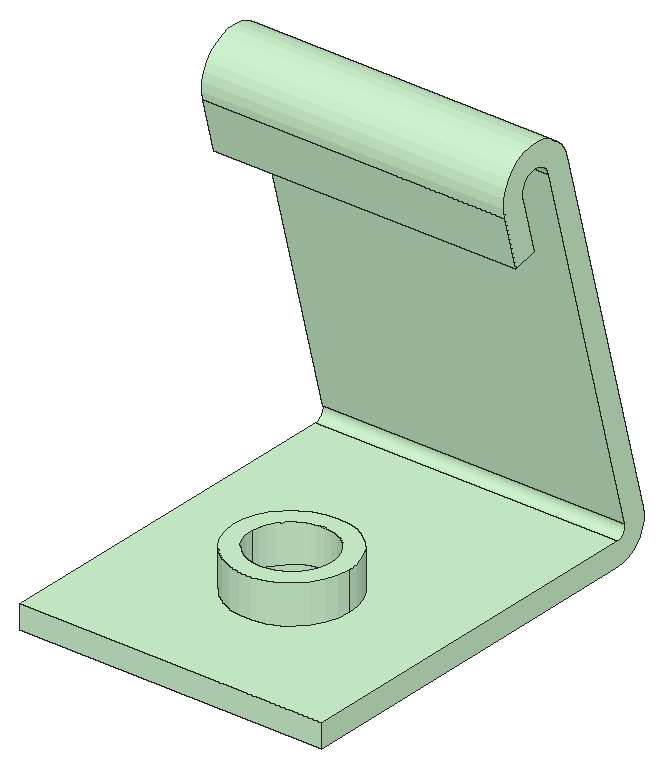
Revit family "LGフック(大)", category 機械設備, Revit 2020
Family settings
  丸型コネクタ寸法 = 直径を使用
  種別 = なし
  パーツ タイプ = 標準
  作業面ベース = いいえ
  常に垂直 = はい
  ロード時にボイドで切り取り = いいえ
  共有 = いいえ
  部屋計算ポイント = いいえ
Parameters
  製造元 = "株式会社桐井製作所"
  既定の高さ = 0 mm
  URL = "https://www.kirii.co.jp/"
  K_許容荷重(N) = 820
  K_品名 = "LGフック (大)"
  K_名称 = "吊元金具"
  K_入数 = "200"
  K_バージョン情報 = "20211012"
Reference planes
  plane 1 "中心(正面/背面)": y = 0
  plane 2: z = 0
  plane 3 "中心(左/右)": x = 0
Forms (mm)
  Extrusion 1, solid
    sketch origin (0, 0.325, 0.091) x (0, 1, 0) y (0, 0, 1)
      loop
        arc (-3.525, -0.091) -> (-0.986, 1.161) -> (-0.434, 3.938) r 3.2
        line (-0.434, 3.938) -> (-9.88, 39.19)
        arc (-9.88, 39.19) -> (-14.779, 42.018) -> (-17.607, 37.119) r 4
        line (-17.607, 37.119) -> (-16.235, 32) -> (-14.014, 32.595) -> (-15.385, 37.715)
        arc (-15.385, 37.715) -> (-14.183, 39.797) -> (-12.101, 38.595) r 1.7
        line (-12.101, 38.595) -> (-2.655, 3.342)
        arc (-2.655, 3.342) -> (-2.811, 2.562) -> (-3.525, 2.209) r 0.9
        line (-3.525, 2.209) -> (-40.321, 2.209) -> (-40.321, -0.091) -> (-3.525, -0.091)
    from -15 to 15
  Extrusion 2, void
    sketch origin (0.013, -4.24, 0) x (1, 0, 0) y (0, 1, 0)
      loop
        circle (0, -20.766) r 4
    from 0 to 2.3
  Extrusion 3, solid
    sketch origin (0, -5.308, 0) x (1, 0, 0) y (0, 1, 0)
      loop
        circle (0.013, -19.697) r 5.75
      loop
        circle (0.013, -19.697) r 4
    from 2.3 to 6.1
Cuts and joins
  Extrusion 2 cuts Extrusion 1
  joined: Extrusion 1, Extrusion 3
Dimensions and locks
  aligned and locked: level to plane 2
